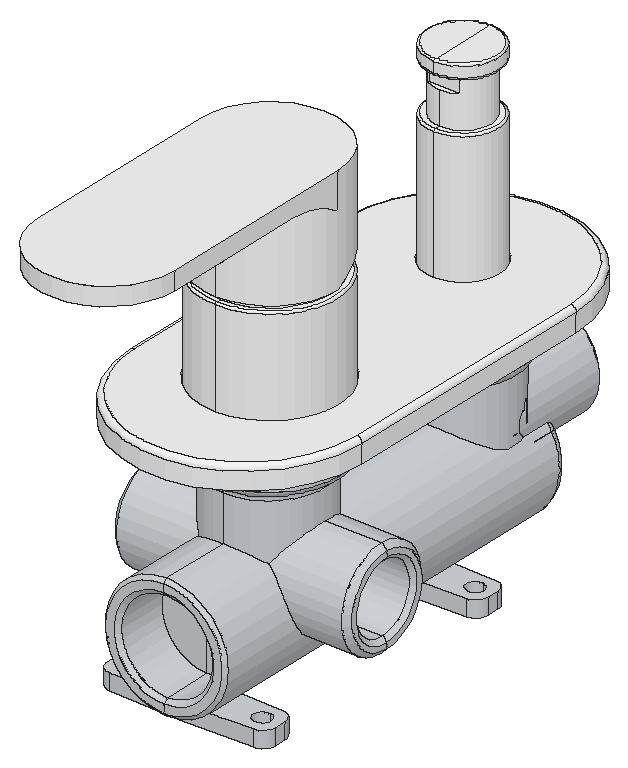
Revit family "Reece_Tap_Mizu_Soothe MK2_Shower Mixer_Diverter", category Plumbing Fixtures, host Face, Revit 2018
Family settings
  Host = Face
  Round Connector Dimension = Use Diameter
  Part Type = Normal
  Cut with Voids When Loaded = No
  Shared = Yes
  Room Calculation Point = Yes
Parameters (values of type "Chrome")
  WFU = 0  # constant formula
  URL = "https://www.reece.com.au/product/-11788"
  Type Comments = "Tap"
  Reece_Tap_Outlet = 25 mm  # constant formula
  Reece_Tap_Inlet = 25 mm  # constant formula
  Reece_Product_Web Page = "https://www.reece.com.au/product/-11788"
  Reece_Product_Type = "Tap"  # constant formula
  Reece_Product_Sub Brand = "Soothe MK2"  # constant formula
  Reece_Product_Number = "11788"
  Reece_Product_Mount = "Wall Mounted"  # constant formula
  Reece_Product_Description = "Mizu Soothe MK2 Shower Mixer with Diverter Kit Chrome"
  Reece_Product_Brand = "Mizu"  # constant formula
  Reece_Overall_Width = 65 mm  # constant formula
  Reece_Overall_Length = 175 mm  # constant formula
  Reece_Overall_Height = 65 mm  # constant formula
  Reece_Material_Main = Reece_Brass_Chrome
  Reece_Detail_Installation = ""
  Reece_Detail_Disclaimer = "THIS FILE IS THE PROPERTY OF THE REECE GROUP. IT MAY NOT BE REPRODUCED, REVERSE-ENGINEERED, OR MODIFIED. ANY REPUBLICATION, TRANSMISSION, OR DISTRIBUTION FOR THE PURPOSE OF COMMERCIALLY EXPLOITING THE FILES IS PROHIBITED."  # constant formula
  Reece_Detail_Connector = ""
  Reece_Detail_Additional = "Diverter"  # constant formula
  Model = "Soothe MK2"
  Manufacturer = "Mizu"
  Keynote = "Product #11788, Reece_Tap_Mizu_Soothe MK2_Shower Mixer_Diverter - Chrome"
  HWFU = 0  # constant formula
  Disclaimer = "THIS FILE IS THE PROPERTY OF THE REECE GROUP. IT MAY NOT BE REPRODUCED, REVERSE-ENGINEERED, OR MODIFIED. ANY REPUBLICATION, TRANSMISSION, OR DISTRIBUTION FOR THE PURPOSE OF COMMERCIALLY EXPLOITING THE FILES IS PROHIBITED."  # constant formula
  Description = "Mizu Soothe MK2 Shower Mixer with Diverter Kit Chrome"
  Default Elevation = 1000 mm
  CWFU = 0  # constant formula
Types (5, lengths in mm): name | URL | Reece_Product_Web Page | Reece_Product_Number | Reece_Product_Description | Reece_Material_Main | Keynote | Description
  Brushed Nickel | "https://www.reece.com.au/product/-11790" | "https://www.reece.com.au/product/-11790" | "11790" | "Mizu Soothe MK2 Shower Mixer with Diverter Kit Brushed Nickel" | Reece_Brass_Brushed Nickel | "Product #11790, Reece_Tap_Mizu_Soothe MK2_Shower Mixer_Diverter - Brushed Nickel" | "Mizu Soothe MK2 Shower Mixer with Diverter Kit Brushed Nickel"
  Chrome | "https://www.reece.com.au/product/-11788" | "https://www.reece.com.au/product/-11788" | "11788" | "Mizu Soothe MK2 Shower Mixer with Diverter Kit Chrome" | Reece_Brass_Chrome | "Product #11788, Reece_Tap_Mizu_Soothe MK2_Shower Mixer_Diverter - Chrome" | "Mizu Soothe MK2 Shower Mixer with Diverter Kit Chrome"
  Matte Black | "https://www.reece.com.au/product/-11789" | "https://www.reece.com.au/product/-11789" | "11789" | "Mizu Soothe MK2 Shower Mixer with Diverter Kit Matte Black" | Reece_Brass_Matte Black | "Product #11789, Reece_Tap_Mizu_Soothe MK2_Shower Mixer_Diverter - Matte Black" | "Mizu Soothe MK2 Shower Mixer with Diverter Kit Matte Black"
  Brushed Gunmetal | "https://www.reece.com.au/product/-11791" | "https://www.reece.com.au/product/-11791" | "11791" | "Mizu Soothe MK2 Shower Mixer with Diverter Kit Brushed Gunmetal" | Reece_Brass_Brushed Gunmetal | "Product #11791, Reece_Tap_Mizu_Soothe MK2_Shower Mixer_Diverter - Brushed Gunmetal" | "Mizu Soothe MK2 Shower Mixer with Diverter Kit Brushed Gunmetal"
  Brushed Brass | "https://www.reece.com.au/product/-11792" | "https://www.reece.com.au/product/-11792" | "11792" | "Mizu Soothe MK2 Shower Mixer with Diverter Kit Brushed Brass" | Reece_Brass_Brushed | "Product #11792, Reece_Tap_Mizu_Soothe MK2_Shower Mixer_Diverter - Brushed Brass" | "Mizu Soothe MK2 Shower Mixer with Diverter Kit Brushed Brass"
Reference planes
  plane 1 "Center (Front/Back)": y = 0
  plane 2: z = 0
  plane 3 "Center (Left/Right)": x = 0
  plane 4: z = 65
  plane 5: y = 38.5
  plane 6: y = -29.5
  plane 7: x = -32.5
  plane 8: x = 32.5
  plane 9: y = 70
  plane 10: y = -105
Forms (mm)
  Revolve 1, solid, material "Reece_Brass_Chrome" <- "Reece_Material_Main"
    sketch origin (0, -299.056, -0.7) x (0, 1, 0) y (0, 0, 1)
      loop
        line (270.056, 35.843) -> (270.056, 65.7) -> (251.056, 65.7) -> (251.056, 35.843) -> (270.056, 35.843)
      axis (270.056, 35.843) -> (270.056, 65.7)
    angle from 0 to 360
  Extrusion 2, solid, material "Reece_Brass_Chrome" <- "Reece_Material_Main"
    sketch origin (271.768, -64.207, 60) x (1, 0, 0) y (0, 1, 0)
      loop
        line (-252.768, -21.793) -> (-252.768, 35.207) -> (-290.768, 35.207) -> (-290.768, -21.793)
        arc (-290.768, -21.793) -> (-271.768, -40.793) -> (-252.768, -21.793) r 19
    from -5 to 5
  Extrusion 3, void
    sketch origin (0, -29, -0.7) x (0, 1, 0) y (0, 0, 1)
      loop
        line (-76.5, 60.7) -> (-76.5, 55.7) -> (0, 55.7)
        arc (0, 55.7) -> (-7.407, 59.419) -> (-15.595, 60.7) r 26.82
        line (-15.595, 60.7) -> (-76.5, 60.7)
    from -19 to 19
  Extrusion 4, void
    sketch origin (0, -39.116, 30.64) x (0, -0.91357, -0.406681) y (0, -0.406681, 0.91357)
      loop
        line (-4.065, 0) -> (-39.065, 0) -> (-39.065, -11.758) -> (-4.065, -11.758) -> (-4.065, 0)
    from -24.656 to 20.799
  Revolve 5, solid, material "Reece_Brass_Chrome" <- "Reece_Material_Main"
    sketch origin (0, -29.533, -106.361) x (0, 1, 0) y (0, 0, 1)
      loop
        line (-16.795, 153.504) -> (-16.795, 156.67) -> (-18.901, 156.67)
        arc (-18.901, 156.67) -> (-19.286, 156.511) -> (-19.445, 156.126) r 0.544
        line (-19.445, 156.126) -> (-19.445, 153.504) -> (-16.795, 153.504)
      axis (-16.795, 153.504) -> (-19.445, 153.504)
    angle from 0 to 360
  Revolve 6, solid, material "Reece_Brass_Chrome" <- "Reece_Material_Main"
    sketch origin (0, -3.5, 12.75) x (0, 1, 0) y (0, 0, 1)
      loop
        line (42, 48.271) -> (42, -12.75) -> (52, -12.75) -> (52, 30.121)
        arc (52, 30.121) -> (51.854, 30.475) -> (51.5, 30.621) r 0.5
        line (51.5, 30.621) -> (50, 30.621) -> (50, 44.271) -> (51.5, 44.271)
        arc (51.5, 44.271) -> (51.854, 44.418) -> (52, 44.771) r 0.5
        line (52, 44.771) -> (52, 47.771)
        arc (52, 47.771) -> (51.854, 48.125) -> (51.5, 48.271) r 0.5
        line (51.5, 48.271) -> (42, 48.271)
      axis (42, -12.75) -> (42, 48.271)
    angle from 0 to 360
  Revolve 7, solid
    sketch origin (0, -13, 3.75) x (0, 1, 0) y (0, 0, -1)
      loop
        line (68, 35) -> (68, 44.75) -> (81.8, 44.75) -> (83, 45.95) -> (83, 47.75) -> (81.5, 49.25) -> (51, 49.25) -> (51, 35) -> (68, 35)
      axis (83, 35) -> (51, 35)
    angle from 0 to 360
  Revolve 8, solid
    sketch origin (0, -11.5, 0) x (0, -1, 0) y (0, 0, 1)
      loop
        line (-50, 0) -> (-50, -48.75) -> (-35.75, -48.75) -> (-35.75, -17.774)
        arc (-35.75, -17.774) -> (-34.475, -16.667) -> (-34, -15.047) r 3
        line (-34, -15.047) -> (-34, -10.774) -> (-35, -9.774) -> (-38.85, -9.774) -> (-38.85, 0) -> (-50, 0)
      axis (-50, -48.75) -> (-50, 0)
    angle from 0 to 360
  Extrusion 9, solid
    sketch origin (0, -30.25, -12.75) x (0, -1, 0) y (1, 0, 0)
      loop
        line (-44.179, 0) -> (-44.882, 20.122)
        arc (-44.882, 20.122) -> (-45.949, 22.518) -> (-48.38, 23.5) r 3.5
        line (-48.38, 23.5) -> (-51.62, 23.5)
        arc (-51.62, 23.5) -> (-54.051, 22.518) -> (-55.118, 20.122) r 3.5
        line (-55.118, 20.122) -> (-55.821, 0) -> (-55.118, -20.122)
        arc (-55.118, -20.122) -> (-54.051, -22.518) -> (-51.62, -23.5) r 3.5
        line (-51.62, -23.5) -> (-48.38, -23.5)
        arc (-48.38, -23.5) -> (-45.949, -22.518) -> (-44.882, -20.122) r 3.5
        line (-44.882, -20.122) -> (-44.179, 0)
      loop
        circle (-50, 18.5) r 2.5
      loop
        circle (-50, -18.5) r 2.5
    from -52.75 to -48.3
  Revolve 10, solid
    sketch origin (0, -8.589, -13.5) x (0, -1, 0) y (0, 0, 1)
      loop
        line (-59.339, -49) -> (56.411, -49) -> (57.411, -48) -> (57.411, -45.7) -> (56.211, -44.5) -> (42.411, -44.5) -> (42.411, -31.75) -> (-61.339, -31.75) -> (-61.339, -47)
        arc (-61.339, -47) -> (-60.753, -48.414) -> (-59.339, -49) r 2
      axis (57.411, -31.75) -> (-61.339, -31.75)
    angle from 0 to 360
  Revolve 11, solid
    sketch origin (7.086, -29.503, -37.45) x (-1, 0, 0) y (0, 0, 1)
      loop
        line (8.163, -13.75) -> (38.586, -13.75) -> (40.086, -12.25) -> (40.086, -10.7) -> (38.886, -9.5) -> (25.086, -9.5) -> (25.086, 0) -> (8.163, 0) -> (8.163, -13.75)
      axis (8.163, 0) -> (40.086, 0)
    angle from 0 to 360
  Revolve 12, solid
    sketch origin (0, 0, 0) x (0, 1, 0) y (0, 0, 1)
      loop
        line (-48.5, -9.699) -> (-49.5, -9.699) -> (-49.5, -10.874)
        arc (-49.5, -10.874) -> (-49.09, -11.904) -> (-48.083, -12.371) r 1.5
        arc (-48.083, -12.371) -> (-46.071, -13.305) -> (-45.25, -15.367) r 3
        line (-45.25, -15.367) -> (-45.25, -38.949) -> (-29.5, -38.949) -> (-29.5, 0) -> (-48.5, 0) -> (-48.5, -9.699)
      axis (-29.5, -38.949) -> (-29.5, 0)
    angle from 0 to 360
  Extrusion 13, solid
    sketch origin (0, -104.75, -12.75) x (0, -1, 0) y (1, 0, 0)
      loop
        line (-44.179, 0) -> (-44.882, 20.122)
        arc (-44.882, 20.122) -> (-45.949, 22.518) -> (-48.38, 23.5) r 3.5
        line (-48.38, 23.5) -> (-51.62, 23.5)
        arc (-51.62, 23.5) -> (-54.051, 22.518) -> (-55.118, 20.122) r 3.5
        line (-55.118, 20.122) -> (-55.821, 0) -> (-55.118, -20.122)
        arc (-55.118, -20.122) -> (-54.051, -22.518) -> (-51.62, -23.5) r 3.5
        line (-51.62, -23.5) -> (-48.38, -23.5)
        arc (-48.38, -23.5) -> (-45.949, -22.518) -> (-44.882, -20.122) r 3.5
        line (-44.882, -20.122) -> (-44.179, 0)
      loop
        circle (-50, 18.5) r 2.5
      loop
        circle (-50, -18.5) r 2.5
    from -52.75 to -48.3
  Revolve 14, solid
    sketch origin (-6.975, -29.496, -37.45) x (1, -0.000388, 0) y (0, 0, -1)
      loop
        line (8.163, 13.75) -> (8.163, 0) -> (25.086, 0) -> (25.086, 9.5) -> (38.886, 9.5) -> (40.086, 10.7) -> (40.086, 12.25) -> (38.586, 13.75) -> (8.163, 13.75)
      axis (8.163, 0) -> (40.086, 0)
    angle from 0 to 360
  Revolve 15, solid, material "Reece_Brass_Chrome" <- "Reece_Material_Main"
    sketch origin (0, -29.5, -119.731) x (0, 1, 0) y (0, 0, 1)
      loop
        arc (-18, 153.23) -> (-18.354, 153.083) -> (-18.5, 152.73) r 0.5
        line (-18.5, 152.73) -> (-18.5, 119.731) -> (0.5, 119.731) -> (0.5, 170.23)
        arc (0.5, 170.23) -> (-11.521, 165.25) -> (-16.5, 153.23) r 17
        line (-16.5, 153.23) -> (-18, 153.23)
      axis (0.5, 170.23) -> (0.5, 119.731)
    angle from 0 to 360
  Extrusion 16, void
    sketch origin (0, -3.5, -0.612) x (1, 0, 0) y (0, 1, 0)
      loop
        line (-4.5, 50.53) -> (-4.5, 48.366) -> (4.5, 48.366) -> (4.5, 50.53) -> (-4.5, 50.53)
      loop
        line (-4.5, 33.47) -> (4.5, 33.47) -> (4.5, 35.634) -> (-4.5, 35.634) -> (-4.5, 33.47)
    from 53 to 57.383
  Revolve 17, void
    sketch origin (0, 0, 0) x (0, 1, 0) y (0, 0, 1)
      loop
        line (38.5, 8.007) -> (38.5, -50) -> (56.5, -50) -> (56.5, 8.007) -> (38.5, 8.007)
      axis (38.5, 8.007) -> (38.5, -50)
    angle from 0 to 360
  Revolve 18, void
    sketch origin (0, 0, 0) x (0, 1, 0) y (0, 0, 1)
      loop
        line (-29.5, 0) -> (-53.5, 0) -> (-53.5, -50) -> (-29.5, -50) -> (-29.5, 0)
      axis (-29.5, 0) -> (-29.5, -50)
    angle from 0 to 360
  Sweep 19, solid, material "Reece_Brass_Chrome" <- "Reece_Material_Main"
    path origin (0, -1.6, 0) x (1, 0, 0) y (0, 1, 0)
      loop
        line (-32.5, 39.1) -> (-32.5, -35.9)
        arc (-32.5, -35.9) -> (0, -68.4) -> (32.5, -35.9) r 32.5
        line (32.5, -35.9) -> (32.5, 39.1)
        arc (32.5, 39.1) -> (0, 71.6) -> (-32.5, 39.1) r 32.5
    profile origin (-32.5, 0, 0) x (1, 0, 0) y (0, 0, 1)
      loop
        line (0, 0) -> (5, 0) -> (5, 6.5) -> (1.5, 6.5)
        arc (1.5, 6.5) -> (0.439, 6.061) -> (0, 5) r 1.5
        line (0, 5) -> (0, 0)
  Extrusion 20, solid, material "Reece_Brass_Chrome" <- "Reece_Material_Main"
    sketch origin (0, -1.6, 0) x (1, 0, 0) y (0, 1, 0)
      loop
        arc (27.5, 39.1) -> (0, 66.6) -> (-27.5, 39.1) r 27.5
        line (-27.5, 39.1) -> (-27.5, -35.9)
        arc (-27.5, -35.9) -> (0, -63.4) -> (27.5, -35.9) r 27.5
        line (27.5, -35.9) -> (27.5, 39.1)
      loop
        circle (0, 40.1) r 10.5
      loop
        circle (0, -27.4) r 19.5
    from 0 to 6.5
Cuts and joins
  joined: Revolve 8, Extrusion 9, Revolve 10, Revolve 11, Revolve 12, Extrusion 13, Revolve 14
  Extrusion 4 cuts Revolve 1
  Extrusion 3 cuts Extrusion 2
  Extrusion 16 cuts Revolve 6
  joined: Revolve 1, Extrusion 2, Revolve 5, Revolve 6, Revolve 15
  joined: Sweep 19, Extrusion 20
Text (mm)
  text "Reece Copyright © 2018, Reece Ltd." at (-207.183, -223.239, 0), in view "Ref. Level"
  text "Reece ©" at (52.351, 159.456, 84.883), in view "Reece Preview"
Dimensions and locks
  Revolve 15 sketch curve to Revolve 15 sketch curve = 19 mm
  "Reece_Overall_Width": plane 7 to plane 8
  "Reece_Overall_Length": plane 9 to plane 10
  "Reece_Overall_Height": plane 4 to host face
  aligned and locked: plane 2 to host face
  aligned and locked: level to host face
Automatic sketch dimensions
  host sketch curve to host sketch curve = 380.785 mm
  host sketch curve to host sketch curve = 317.421 mm
  Revolve 1 sketch curve to plane 4 = 0 mm
  plane 6 to Revolve 1 sketch curve = 18.5 mm
  Revolve 1 sketch curve to plane 6 = 0.5 mm  (x2)
  Revolve 1 sketch curve to plane 4 = 29.857 mm
  Revolve 1 sketch curve to Revolve 1 sketch curve = 17.391 mm
  Revolve 1 sketch curve to Revolve 1 sketch curve = 12.753 mm
  Extrusion 2 sketch curve to plane 3 "Center (Left/Right)" = 0 mm
  Extrusion 2 sketch curve to plane 6 = 0.5 mm
  plane 7 to Extrusion 2 sketch curve = 13.5 mm
  plane 10 to Extrusion 2 sketch curve = 19 mm
  Extrusion 3 sketch curve to plane 10 = 0.5 mm
  plane 6 to Extrusion 3 sketch curve = 15.095 mm
  Extrusion 3 sketch curve to plane 6 = 0.5 mm
  Extrusion 3 sketch curve to plane 4 = 31.82 mm
  Extrusion 3 sketch curve to plane 4 = 10 mm
  plane 1 "Center (Front/Back)" to Extrusion 4 sketch curve = 3.427 mm
  Extrusion 4 sketch curve to plane 4 = 18.473 mm
  Extrusion 4 sketch curve to Extrusion 4 sketch curve = 35 mm
  Extrusion 4 sketch curve to Extrusion 4 sketch curve = 11.758 mm
  plane 6 to Revolve 5 sketch curve = 19.478 mm
  Revolve 5 sketch curve to Revolve 5 sketch curve = 0.544 mm
  Revolve 5 sketch curve to Revolve 5 sketch curve = 2.106 mm
  Revolve 5 sketch curve to plane 4 = 17.857 mm
  Revolve 5 sketch curve to Revolve 5 sketch curve = 2.622 mm
  Revolve 5 sketch curve to Revolve 5 sketch curve = 1.864 mm
  Revolve 5 sketch curve to Revolve 5 sketch curve = 1.028 mm
  Revolve 5 sketch curve to Revolve 5 sketch curve = 0 mm
  Revolve 6 sketch curve to level = 0 mm
  Revolve 6 sketch curve to plane 5 = 0 mm  (x2)
  Revolve 6 sketch curve to plane 5 = 8 mm
  Revolve 6 sketch curve to Revolve 6 sketch curve = 1.5 mm  (x2)
  Revolve 6 sketch curve to Revolve 6 sketch curve = 0 mm
  Revolve 6 sketch curve to Revolve 6 sketch curve = 0.5 mm  (x2)
  Revolve 6 sketch curve to plane 4 = 22.129 mm
  Revolve 6 sketch curve to plane 4 = 7.979 mm
  Revolve 6 sketch curve to Revolve 6 sketch curve = 3 mm
  Revolve 6 sketch curve to Revolve 6 sketch curve = 52.868 mm
  Revolve 6 sketch curve to Revolve 6 sketch curve = 7.871 mm
  Revolve 7 sketch curve to plane 9 = 0 mm
  Revolve 7 sketch curve to plane 9 = 1.2 mm
  Revolve 7 sketch curve to plane 9 = 1.5 mm
  Revolve 7 sketch curve to Revolve 7 sketch curve = 13.8 mm
  plane 5 to Revolve 7 sketch curve = 0.5 mm
  Revolve 7 sketch curve to level = 31.25 mm
  Revolve 7 sketch curve to Revolve 7 sketch curve = 9.75 mm
  Revolve 7 sketch curve to Revolve 7 sketch curve = 1.2 mm
  Revolve 7 sketch curve to Revolve 7 sketch curve = 1.8 mm
  Revolve 7 sketch curve to Revolve 7 sketch curve = 1.5 mm
  Revolve 7 sketch curve to Revolve 7 sketch curve = 14.25 mm
  Revolve 7 sketch curve to plane 5 = 4.163 mm
  plane 9 to Revolve 7 sketch curve = 25.491 mm
  Revolve 7 sketch curve to Revolve 7 sketch curve = 10.95 mm
  Revolve 8 sketch curve to plane 5 = 0 mm  (x2)
  Revolve 8 sketch curve to level = 0 mm
  plane 5 to Revolve 8 sketch curve = 11.15 mm
  Revolve 8 sketch curve to Revolve 8 sketch curve = 1.85 mm
  Revolve 8 sketch curve to Revolve 8 sketch curve = 1.25 mm
  Revolve 8 sketch curve to Revolve 8 sketch curve = 3.85 mm
  Revolve 8 sketch curve to Revolve 8 sketch curve = 3 mm
  Revolve 8 sketch curve to level = 9.774 mm
  Revolve 8 sketch curve to Revolve 8 sketch curve = 1 mm
  Revolve 8 sketch curve to Revolve 8 sketch curve = 4.273 mm
  Revolve 8 sketch curve to Revolve 8 sketch curve = 30.976 mm
  Revolve 8 sketch curve to Revolve 8 sketch curve = 4.525 mm
  Revolve 8 sketch curve to Revolve 8 sketch curve = 17.25 mm
  Extrusion 9 sketch curve to plane 3 "Center (Left/Right)" = 0 mm  (x2)
  plane 5 to Extrusion 9 sketch curve = 12.929 mm
  plane 5 to Extrusion 9 sketch curve = 13.632 mm  (x2)
  Extrusion 9 sketch curve to Extrusion 9 sketch curve = 3.498 mm  (x4)
  Extrusion 9 sketch curve to Extrusion 9 sketch curve = 1.62 mm  (x2)
  Extrusion 9 sketch curve to Extrusion 9 sketch curve = 3.24 mm  (x2)
  plane 8 to Extrusion 9 sketch curve = 12.378 mm
  Extrusion 9 sketch curve to Extrusion 9 sketch curve = 11.641 mm
  plane 7 to Extrusion 9 sketch curve = 14 mm
  Extrusion 9 sketch curve to Extrusion 9 sketch curve = 1.5 mm  (x4)
  Extrusion 9 sketch curve to Extrusion 9 sketch curve = 0.122 mm
  Extrusion 9 sketch curve to Extrusion 9 sketch curve = 1.622 mm
  Revolve 10 sketch curve to plane 5 = 14.25 mm
  Revolve 10 sketch curve to Revolve 10 sketch curve = 2 mm
  Revolve 10 sketch curve to Revolve 10 sketch curve = 0 mm
  plane 6 to Revolve 10 sketch curve = 21.5 mm
  Revolve 10 sketch curve to Revolve 10 sketch curve = 13.8 mm
  Revolve 10 sketch curve to Revolve 10 sketch curve = 0.2 mm
  Revolve 10 sketch curve to Revolve 10 sketch curve = 1.2 mm
  Revolve 10 sketch curve to level = 62.5 mm  (x2)
  Revolve 10 sketch curve to Revolve 10 sketch curve = 1 mm
  Revolve 10 sketch curve to Revolve 10 sketch curve = 2.3 mm
  Revolve 10 sketch curve to Revolve 10 sketch curve = 4.5 mm
  Revolve 10 sketch curve to Revolve 10 sketch curve = 15.25 mm
  Revolve 10 sketch curve to Revolve 10 sketch curve = 0.549 mm
  Revolve 10 sketch curve to plane 10 = 12.079 mm
  Revolve 10 sketch curve to Revolve 10 sketch curve = 12.75 mm
  Revolve 11 sketch curve to plane 3 "Center (Left/Right)" = 1.078 mm
  plane 7 to Revolve 11 sketch curve = 14.5 mm
  plane 7 to Revolve 11 sketch curve = 1 mm
  plane 7 to Revolve 11 sketch curve = 0.7 mm
  Revolve 11 sketch curve to plane 7 = 0.5 mm
  Revolve 11 sketch curve to level = 51.2 mm
  Revolve 11 sketch curve to Revolve 11 sketch curve = 1.5 mm
  Revolve 11 sketch curve to Revolve 11 sketch curve = 1.55 mm
  Revolve 11 sketch curve to Revolve 11 sketch curve = 4.25 mm
  Revolve 11 sketch curve to Revolve 11 sketch curve = 9.5 mm  (x2)
  plane 3 "Center (Left/Right)" to Revolve 11 sketch curve = 7.086 mm
  Revolve 11 sketch curve to plane 7 = 0.414 mm
  Revolve 12 sketch curve to level = 0 mm
  Revolve 12 sketch curve to plane 6 = 0 mm  (x2)
  plane 6 to Revolve 12 sketch curve = 15.75 mm
  Revolve 12 sketch curve to Revolve 12 sketch curve = 2.75 mm
  Revolve 12 sketch curve to Revolve 12 sketch curve = 3 mm
  Revolve 12 sketch curve to Revolve 12 sketch curve = 0.5 mm
  Revolve 12 sketch curve to Revolve 12 sketch curve = 1 mm
  Revolve 12 sketch curve to level = 9.699 mm
  Revolve 12 sketch curve to Revolve 12 sketch curve = 1.175 mm
  Revolve 12 sketch curve to Revolve 12 sketch curve = 4.493 mm
  Revolve 12 sketch curve to Revolve 12 sketch curve = 23.582 mm
  Revolve 12 sketch curve to Revolve 12 sketch curve = 2.888 mm
  Revolve 12 sketch curve to Revolve 12 sketch curve = 9.08 mm
  Extrusion 13 sketch curve to plane 3 "Center (Left/Right)" = 0 mm  (x2)
  plane 6 to Extrusion 13 sketch curve = 19.429 mm
  plane 6 to Extrusion 13 sketch curve = 20.132 mm  (x2)
  plane 7 to Extrusion 13 sketch curve = 12.378 mm  (x2)
  Extrusion 13 sketch curve to Extrusion 13 sketch curve = 3.498 mm  (x4)
  Extrusion 13 sketch curve to Extrusion 13 sketch curve = 1.62 mm  (x2)
  Extrusion 13 sketch curve to Extrusion 13 sketch curve = 3.24 mm  (x2)
  plane 8 to Extrusion 13 sketch curve = 12.378 mm
  Extrusion 13 sketch curve to Extrusion 13 sketch curve = 11.641 mm
  Extrusion 13 sketch curve to Extrusion 13 sketch curve = 3.378 mm
  Extrusion 13 sketch curve to Extrusion 13 sketch curve = 1.5 mm  (x3)
  Extrusion 13 sketch curve to Extrusion 13 sketch curve = 1.622 mm
  Revolve 14 sketch curve to level = 51.2 mm
  Revolve 14 sketch curve to Revolve 14 sketch curve = 16.922 mm
  Revolve 14 sketch curve to Revolve 14 sketch curve = 13.5 mm
  Revolve 14 sketch curve to level = 46.95 mm
  Revolve 14 sketch curve to Revolve 14 sketch curve = 0.3 mm
  Revolve 14 sketch curve to Revolve 14 sketch curve = 1.5 mm
  Revolve 14 sketch curve to Revolve 14 sketch curve = 13.75 mm
  Revolve 14 sketch curve to Revolve 14 sketch curve = 1.2 mm
  Revolve 14 sketch curve to Revolve 14 sketch curve = 1.55 mm
  Revolve 14 sketch curve to Revolve 14 sketch curve = 8.163 mm
  Revolve 14 sketch curve to Revolve 14 sketch curve = 1.114 mm
  Revolve 14 sketch curve to Revolve 14 sketch curve = 9.5 mm
  Revolve 15 sketch curve to level = 0 mm
  plane 6 to Revolve 15 sketch curve = 18.5 mm
  Revolve 15 sketch curve to Revolve 15 sketch curve = 0.5 mm
  Revolve 15 sketch curve to Revolve 15 sketch curve = 1.5 mm
  Revolve 15 sketch curve to plane 6 = 0.5 mm
  Revolve 15 sketch curve to plane 4 = 32.002 mm
  Revolve 15 sketch curve to Revolve 15 sketch curve = 460.541 mm
  plane 4 to Revolve 15 sketch curve = 2259.618 mm
  Extrusion 16 sketch curve to plane 3 "Center (Left/Right)" = 4.5 mm  (x2)
  plane 3 "Center (Left/Right)" to Extrusion 16 sketch curve = 4.5 mm  (x2)
  plane 5 to Extrusion 16 sketch curve = 8.53 mm
  Extrusion 16 sketch curve to Extrusion 16 sketch curve = 2.163 mm  (x2)
  Extrusion 16 sketch curve to plane 5 = 6.366 mm
  Revolve 17 sketch curve to plane 5 = 0 mm  (x2)
  Revolve 17 sketch curve to plane 9 = 13.5 mm
  Revolve 17 sketch curve to level = 50 mm
  level to Revolve 17 sketch curve = 8.007 mm
  Revolve 17 sketch curve to Revolve 17 sketch curve = 6.772 mm
  plane 4 to Revolve 17 sketch curve = 39.976 mm
  Revolve 18 sketch curve to level = 0 mm
  Revolve 18 sketch curve to plane 6 = 0 mm  (x2)
  plane 6 to Revolve 18 sketch curve = 24 mm
  Revolve 18 sketch curve to level = 50 mm
  Revolve 18 sketch curve to Revolve 18 sketch curve = 6.772 mm
  plane 4 to Revolve 18 sketch curve = 39.976 mm
  Sweep 19 sketch curve to plane 7 = 0 mm
  Sweep 19 sketch curve to plane 3 "Center (Left/Right)" = 0 mm
  plane 6 to Sweep 19 sketch curve = 8 mm
  plane 5 to Sweep 19 sketch curve = 1 mm
  Sweep 19 sketch curve to level = 0 mm
  profile plane to Sweep 19 sketch curve = 0 mm
  Sweep 19 sketch curve to profile plane = 1.5 mm
  Sweep 19 sketch curve to profile plane = 5 mm
  Sweep 19 sketch curve to Sweep 19 sketch curve = 5 mm
  Extrusion 20 sketch curve to plane 3 "Center (Left/Right)" = 0 mm  (x3)
  plane 7 to Extrusion 20 sketch curve = 5 mm
  plane 6 to Extrusion 20 sketch curve = 8 mm
  Extrusion 20 sketch curve to plane 6 = 0.5 mm
  plane 5 to Extrusion 20 sketch curve = 1 mm
  Extrusion 20 sketch curve to plane 5 = 0 mm
  radius of Extrusion 9 sketch curve = 2.5 mm  (x2)
  radius of Extrusion 13 sketch curve = 2.5 mm  (x2)
  radius of Extrusion 20 sketch curve = 10.5 mm
  radius of Extrusion 20 sketch curve = 19.5 mm
Connectors
  piping at (-18, -29.503, -37.45), diameter 25, driven by "Reece_Tap_Inlet"
    settings: on cut or joined group of Revolve 8, Extrusion 9, Revolve 10, Revolve 11, Revolve 12, Extrusion 13, Revolve 14, index 1, connector inside diameter 609.6 mm, connector length 0 mm, flow factor 0, pipe flow 0.0 L/s, pressure drop 0.0 Pa, fitting loss kfactor 0, connector angle 0.00°, fixture units 0, engagement length 0 mm, angle of deflection 0.00°, flow configuration 0, flow direction 1, fitting loss method 0, system type 29, joint type 0, gender type 0, connector reference index -1, connector utility 0, adjustable connector no, is connector primary yes, connector description ""
  piping at (18.111, -29.506, -37.45), diameter 25, driven by "Reece_Tap_Inlet"
    settings: on cut or joined group of Revolve 8, Extrusion 9, Revolve 10, Revolve 11, Revolve 12, Extrusion 13, Revolve 14, index 2, connector inside diameter 609.6 mm, connector length 0 mm, flow factor 0, pipe flow 0.0 L/s, pressure drop 0.0 Pa, fitting loss kfactor 0, connector angle 0.00°, fixture units 0, engagement length 0 mm, angle of deflection 0.00°, flow configuration 0, flow direction 1, fitting loss method 0, system type 29, joint type 0, gender type 0, connector reference index -1, connector utility 0, adjustable connector no, is connector primary no, connector description ""
  piping at (0, -51, -45.25), diameter 25, driven by "Reece_Tap_Outlet"
    settings: on cut or joined group of Revolve 8, Extrusion 9, Revolve 10, Revolve 11, Revolve 12, Extrusion 13, Revolve 14, index 3, connector inside diameter 609.6 mm, connector length 0 mm, flow factor 0, pipe flow 0.0 L/s, pressure drop 0.0 Pa, fitting loss kfactor 0, connector angle 0.00°, fixture units 0, engagement length 0 mm, angle of deflection 0.00°, flow configuration 0, flow direction 2, fitting loss method 0, system type 29, joint type 0, gender type 0, connector reference index -1, connector utility 0, adjustable connector no, is connector primary no, connector description ""
  piping at (0, 55, -31.25), diameter 25, driven by "Reece_Tap_Outlet"
    settings: on Revolve 7, index 4, connector inside diameter 609.6 mm, connector length 0 mm, flow factor 0, pipe flow 0.0 L/s, pressure drop 0.0 Pa, fitting loss kfactor 0, connector angle 0.00°, fixture units 0, engagement length 0 mm, angle of deflection 0.00°, flow configuration 0, flow direction 2, fitting loss method 0, system type 29, joint type 0, gender type 0, connector reference index -1, connector utility 0, adjustable connector no, is connector primary no, connector description ""
